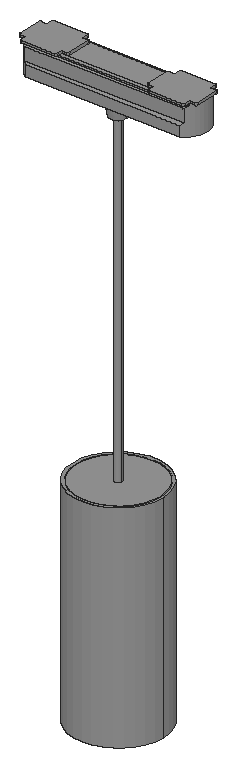
Revit family "Artemide_Vector_PendantMagnetic", category Lighting Fixtures, Revit 2018
Family settings
  Round Connector Dimension = Use Diameter
  Part Type = Normal
  Work Plane-Based = Yes
  Always vertical = Yes
  Cut with Voids When Loaded = No
  Light Source = No
  Shared = No
  Room Calculation Point = No
Parameters (values of type "Vector_PendantMagnetic_55_32°_4000K_DALI_BrushedCopper_AP35318")
  Voltage = "-"
  Radius_Lamp = 27.5 mm
  Product Range = "Vector"
  Max Height from ceiling = 2000 mm
  M_Track = Artemide_Aluminum_Black
  M_TopCap = Artemide_Aluminum_BrushedCopper
  M_Housing = Artemide_Aluminum_BrushedCopper
  M_Fixings = Artemide_Aluminum_Black
  M_Diffuser = Artemide_Glass_LightBulb
  IfcExportType = "NOT DEFINED"  # constant formula
  IfcExportAs = "IfcLightFixtureType"  # constant formula
  Weekly = "-"
  Wattage  = 26
  Warranty ID = "https://cloud.artemide.com/5-years-warranty"
  Upward Component  = 0
  Unified Glare Rating  = "-"
  Uniclass 2015 = "Pr_70_70_48"  # constant formula
  URL to O&M Manual = "-"
  URL to Energy Technology List = "-"
  Trim Material = "-"
  Trim Finish = "-"
  Trim Colour  = "-"
  Total Power = 0
  Total Light Output  = 0
  Testing method = "-"
  Supply Phase = 0
  Suitable for Photocell Control = "-"
  Suitable for Motion Detector Control = "N"
  Suitable for Dimming  = "Y"
  Suitable Dimmer Type = "DALI"
  Standards = "-"
  Shipping Weight = 0
  Service life  = "-"
  Secondary Rated Lamp Life = 0
  Secondary Lamp Voltage = 0
  Secondary Lamp International Type Code = "-"
  Secondary Lamp Initial Lumens  = 0
  Secondary Lamp Included = "-"
  Secondary Lamp Efficacy = 0
  Secondary Lamp Colour Temperature = 0
  Secondary Lamp Colour Rendering Index = 0
  Secondary Lamp Cap = "-"
  Secondary Lamp = "N"
  Responsible Sourcing of Materials = "-"
  Responsible Extraction of Materials = "-"
  Reflector Material = "-"
  Reflector Finish = "-"
  Rated Lamp Life = 50000
  Quarterly = "-"
  Product Model Number = "AP35318"
  Product Literature = "https://www.artemide.com/en/subfamily/4746345/vector-pendant-magnetic"
  Primary Lamp Type = "LED"
  Power Supply Kit = "-"
  Power Factor = 0
  Photocell = "-"
  Overall Width = 0
  Overall Light Output Ratio = 0
  Overall Length = 55
  Overall Height = 130
  Output Lumens Indirect light = 0
  Output Lumens Direct light = 1596
  Number of Secondary Lamps = 0
  Number of Primary Lamps = 1
  Number of Poles = 0
  Motion Sensor = "-"
  Motion Detector = "-"
  Monthly = "-"
  Minimum Operating Temperature = 0
  Maximum Operating Temperature = 0
  Material Ingredient Reporting = "-"
  Manufacturer Website = "https://www.artemide.com"
  Manufacturer = "Artemide"
  Maintenance Required: 8001-12000hrs  = "-"
  Maintenance Required: 601-1000hrs = "-"
  Maintenance Required: 4001-8000hrs  = "-"
  Maintenance Required: 301-600hrs  = "-"
  Maintenance Required: 2001-4000hrs  = "-"
  Maintenance Required: 1001-2000hrs  = "-"
  Maintenance Required: 0-300hrs  = "-"
  Luminance at 65deg Angle = 0
  Luminaire Type = "Floodlight"
  Luminaire Maintenance Factor = 0
  Luminaire Cleaning Interval  = "-"
  Louvre/Lens = "-"
  Location of Manufacturer = "-"
  Light Output Pattern = "-"
  Light Fixture Mounting Type = "Suspended"
  Life Cycle Analysis = "-"
  Lamp Survival Factor = "-"
  Lamp Replacement Interval = "-"
  Lamp Included = "Y"
  Lamp Holder Material = "-"
  Lamp Cap = "LED Integrated"
  LED lifetime = 0
  LED Maintained Colour Variation         = 0
  LED Initial Colour Variation                      = 0
  International Type Code = "-"
  Intended Market = "Unset"
  Integral Fuse or Circuit Protection  = "-"
  Integral Emergency Lighting Battery Type = "-"
  Input Lumens Indirect light = 0
  Input Lumens Direct light = 0
  Initial Lumens = 1596
  Infills = "-"
  IP Rating = "IP20"
  IK Rating = "-"
  IES Files  = "-"
  Housing Material = "Aluminum"
  Housing Finish  = "Painted"
  Housing Colour  = "Brushed Copper"
  Hazardous Area Protection Type = "-"
  Hazardous Area Category = "-"
  Gross Weight = 0
  Green Guide for Specification = "-"
  Gasket Material = "-"
  Frequency  = 0
  Fixings = "-"
  Fixing Material = "-"
  Fire Shroud = "-"
  Fire Rating Duration = 0
  Fire Rated Temperature = 0
  Fire Rated = "-"
  Features = "-"
  Face Width = 0
  Face Shape = "Cylindrical"
  Face Length = 0
  External Control Line Voltage = 0
  Expected Life = "-"
  Environmental Product Declaration = "-"
  End Caps/Transition Caps/Joints = "-"
  Emergency light output percentage = 0
  Emergency Lighting Battery = "-"
  Emergency Charging Power       = 0
  Emergency = "N"
  Embodied Carbon  = 0
  Efficiency = 0
  Earth Point  = "-"
  ENEC Certification of European conformity = "N"
  Duration of Integral Emergency Lighting  = 0
  Drive Current                                          = 0
  Downward Component = 0
  Distance_WidthTrack = 23.997 mm
  Distance_RightEnd Track = 54.201 mm
  Distance_LeftEndTrack = 54.211 mm
  Distance_LampFromCeilingMax [instance] = if(Distance_LampFromCeiling < Max Height from ceiling, Distance_LampFromCeiling, Max Height from ceiling)  # 200 mm
  Distance_LampFromCeiling [instance] = 200 mm
  Distance_HeightTrack = 19.239 mm
  Distance_HeightLamp = 131.5 mm
  Diffusing screen = "-"
  Diffuser Material  = "-"
  Diffuser Finish = "-"
  Designed by = "Carlotta de Bevilacqua"
  Default Elevation = 1219.2 mm
  Daylight Sensor = "-"
  Daily = "-"
  Cut Out Width = 0
  Cut Out Length = 0
  Current  = 0
  Control Gear Type = "-"
  Control Gear Standby Power  = 0
  Control Gear Required = "-"
  Control Gear Location = "-"
  Column = "-"
  Colour Temperature = 4000
  Colour Rendering Index = 90
  Cable Material = "-"
  CE Approval = "Y"
  Bespoke Timeframe = "-"
  Beam Angle Transverse Axis  = 0.00°
  Beam Angle Longditudinal Axis  = 0.00°
  Basis of lifetime luminaire failures        = 0
  Basis of lifetime lumen depreciation   = 0
  Application Environment = "Internal"
  Annually = "-"
  Ambient Temperature                             = 0
  Air Handling = "-"
  Access Clearance Top = 0
  Access Clearance Right = 0
  Access Clearance Rear = 0
  Access Clearance Left = 0
  Access Clearance Front = 0
  Access Clearance Bottom = 0
  6 Monthly = "-"
Reference planes
  plane 1 "Center (Front/Back)": y = 0
  plane 2: z = 0
  plane 3 "Center (Left/Right)": x = 0
  plane 4 "Left End Track": x = -54.211
  plane 5 "Right End Track": x = 54.201
  plane 6 "Center L/FF": x = -46.875
  plane 7 "Center L/GG": x = 46.901
  plane 8 "Top Magnetic Plates": z = 19.239
  plane 9 "Top Track": z = 17.84
  plane 10 "Center L/W": z = 16.107
  plane 11 "Center L/X": z = 7.594
  plane 12 "Left Width Magnetic Plates": y = 12.521
  plane 13 "Right Width Magnetic Plates": y = -12.521
  plane 14 "Left Width Track": y = 11.998
  plane 15 "Right Width Track": y = -11.998
  plane 16 "Left Width Middle Track": y = 10.701
  plane 17 "Right Width Middle Track": y = -10.701
  plane 18 "Left Width Under Plates": y = 9.488
  plane 19 "Right Width Under Plates": y = -9.488
  plane 20 "Center L/U": x = -24.07
  plane 21 "Center L/V": x = 24.07
  plane 22 "Top Cable": z = -9.75
  plane 23 "Top Lamp": z = -209.75
Forms (mm)
  Extrusion 1, solid, material "Artemide_Aluminum_Black" <- "M_Track"
    sketch origin (-199.4, 0, 0) x (0, 0, -1) y (0, -1, 0)
      loop
        arc (-17.84, -8.688) -> (-17.606, -9.254) -> (-17.04, -9.488) r 0.8
        line (-17.04, -9.488) -> (-16.107, -9.488)
        arc (-16.107, -9.488) -> (-15.917, -10.226) -> (-15.32, -10.701) r 1.2
        line (-15.32, -10.701) -> (-7.594, -10.701) -> (-6.296, -11.998) -> (0, -11.998) -> (0, 11.998) -> (-6.296, 11.998) -> (-7.594, 10.701) -> (-15.32, 10.701)
        arc (-15.32, 10.701) -> (-15.917, 10.226) -> (-16.107, 9.488) r 1.2
        line (-16.107, 9.488) -> (-17.04, 9.488)
        arc (-17.04, 9.488) -> (-17.606, 9.254) -> (-17.84, 8.688) r 0.8
        line (-17.84, 8.688) -> (-17.84, -8.688)
    from -145.189 to -253.601
  Extrusion 2, void
    sketch origin (-6.075, 0, 0) x (-1, 0, 0) y (0, -1, 0)
      loop
        line (40.8, -11.998) -> (40.8, -26.998) -> (60.8, -26.998) -> (60.8, 26.998) -> (40.8, 26.998) -> (40.8, 11.998)
        arc (40.8, 11.998) -> (48.1, 0) -> (40.8, -11.998) r 13.51
    from 0 to 17.84
  Extrusion 3, void
    sketch origin (6.075, 0, 0) x (1, 0, 0) y (0, 1, 0)
      loop
        arc (40.827, 11.984) -> (48.1, 0) -> (40.827, -11.984) r 13.51
        line (40.827, -11.984) -> (40.827, -26.998) -> (60.8, -26.998) -> (60.8, 26.998) -> (40.827, 26.998) -> (40.827, 11.984)
    from 0 to 17.84
  Extrusion 4, solid, material "Artemide_Aluminum_Black" <- "M_Track"
    sketch origin (0, 0, 17.84) x (0, 1, 0) y (-1, 0, 0)
      loop
        arc (7.971, 53.211) -> (7.678, 53.918) -> (6.971, 54.211) r 1
        line (6.971, 54.211) -> (-7.029, 54.211)
        arc (-7.029, 54.211) -> (-7.736, 53.918) -> (-8.029, 53.211) r 1
        line (-8.029, 53.211) -> (-8.029, 50.07) -> (-11.521, 50.07)
        arc (-11.521, 50.07) -> (-12.228, 49.777) -> (-12.521, 49.07) r 1
        line (-12.521, 49.07) -> (-12.521, 29.07)
        arc (-12.521, 29.07) -> (-12.228, 28.363) -> (-11.521, 28.07) r 1
        line (-11.521, 28.07) -> (-8.029, 28.07) -> (-8.029, 25.07)
        arc (-8.029, 25.07) -> (-7.736, 24.363) -> (-7.029, 24.07) r 1
        line (-7.029, 24.07) -> (6.971, 24.07)
        arc (6.971, 24.07) -> (7.678, 24.363) -> (7.971, 25.07) r 1
        line (7.971, 25.07) -> (7.971, 28.07) -> (11.521, 28.07)
        arc (11.521, 28.07) -> (12.228, 28.363) -> (12.521, 29.07) r 1
        line (12.521, 29.07) -> (12.521, 49.07)
        arc (12.521, 49.07) -> (12.228, 49.777) -> (11.521, 50.07) r 1
        line (11.521, 50.07) -> (7.971, 50.07) -> (7.971, 53.211)
    from 0 to 1.399
  Extrusion 5, solid, material "Artemide_Aluminum_Black" <- "M_Track"
    sketch origin (0, 0, 17.84) x (0, 1, 0) y (-1, 0, 0)
      loop
        line (7.971, -53.201) -> (7.971, -50.07) -> (11.521, -50.07)
        arc (11.521, -50.07) -> (12.228, -49.777) -> (12.521, -49.07) r 1
        line (12.521, -49.07) -> (12.521, -29.07)
        arc (12.521, -29.07) -> (12.228, -28.363) -> (11.521, -28.07) r 1
        line (11.521, -28.07) -> (7.971, -28.07) -> (7.971, -25.07)
        arc (7.971, -25.07) -> (7.678, -24.363) -> (6.971, -24.07) r 1
        line (6.971, -24.07) -> (-7.029, -24.07)
        arc (-7.029, -24.07) -> (-7.736, -24.363) -> (-8.029, -25.07) r 1
        line (-8.029, -25.07) -> (-8.029, -28.07) -> (-11.521, -28.07)
        arc (-11.521, -28.07) -> (-12.228, -28.363) -> (-12.521, -29.07) r 1
        line (-12.521, -29.07) -> (-12.521, -49.07)
        arc (-12.521, -49.07) -> (-12.228, -49.777) -> (-11.521, -50.07) r 1
        line (-11.521, -50.07) -> (-8.029, -50.07) -> (-8.029, -53.201)
        arc (-8.029, -53.201) -> (-7.736, -53.908) -> (-7.029, -54.201) r 1
        line (-7.029, -54.201) -> (6.971, -54.201)
        arc (6.971, -54.201) -> (7.678, -53.908) -> (7.971, -53.201) r 1
    from 0 to 1.399
  Revolve 6, solid, material "Artemide_Aluminum_Black" <- "M_Fixings"
    sketch origin (0, 0, 0) x (1, 0, 0) y (0, 0, 1)
      loop
        line (6.95, 0) -> (0, 0) -> (0, -9.75) -> (5.231, -9.75) -> (6.95, 0)
      axis (0, 0) -> (0, -9.75)
    angle from 0 to 360
  Extrusion 7, solid, material "Artemide_Aluminum_Black" <- "M_Fixings"
    sketch origin (0, 0, -9.75) x (-1, 0, 0) y (0, -1, 0)
      loop
        circle (0, 0) r 2.1
    from -200 to 0
Cuts and joins
  Extrusion 2, Extrusion 3 cuts Extrusion 1
Dimensions and locks
  locked: plane 4 "Left End Track" to plane 6 "Center L/FF" at 7.336
  locked: plane 7 "Center L/GG" to plane 5 "Right End Track" at 7.3
  "Distance_RightEnd Track": plane 5 "Right End Track" to plane 3 "Center (Left/Right)"
  "Distance_LeftEndTrack": plane 3 "Center (Left/Right)" to plane 4 "Left End Track"
  locked: plane 11 "Center L/X" to plane 2 at 7.594
  locked: plane 10 "Center L/W" to plane 2 at 16.107
  locked: plane 9 "Top Track" to plane 2 at 17.84
  plane 8 "Top Magnetic Plates" to plane 9 "Top Track" = 1.399 mm
  "Distance_HeightTrack": plane 8 "Top Magnetic Plates" to plane 2
  equal spacing: plane 18 "Left Width Under Plates", plane 1 "Center (Front/Back)", plane 19 "Right Width Under Plates"
  locked: plane 18 "Left Width Under Plates" to plane 19 "Right Width Under Plates" at 18.976
  plane 12 "Left Width Magnetic Plates" to plane 13 "Right Width Magnetic Plates" = 25.041 mm
  equal spacing: plane 12 "Left Width Magnetic Plates", plane 1 "Center (Front/Back)", plane 13 "Right Width Magnetic Plates"
  equal spacing: plane 14 "Left Width Track", plane 1 "Center (Front/Back)", plane 15 "Right Width Track"
  "Distance_WidthTrack": plane 14 "Left Width Track" to plane 15 "Right Width Track"
  equal spacing: plane 16 "Left Width Middle Track", plane 1 "Center (Front/Back)", plane 17 "Right Width Middle Track"
  locked: plane 16 "Left Width Middle Track" to plane 17 "Right Width Middle Track" at 21.401
  locked: plane 4 "Left End Track" to plane 20 "Center L/U" at 30.141
  locked: plane 21 "Center L/V" to plane 5 "Right End Track" at 30.131
  locked: plane 2 to plane 22 "Top Cable" at 9.75
  "Distance_LampFromCeiling": plane 22 "Top Cable" to plane 23 "Top Lamp"
  aligned and locked: level to plane 2
  aligned and locked: Extrusion 1 sketch curve to plane 9 "Top Track"
  aligned and locked: Extrusion 1 sketch curve to plane 18 "Left Width Under Plates"
  aligned and locked: Extrusion 1 sketch curve to plane 16 "Left Width Middle Track"
  aligned and locked: plane 10 "Center L/W" to Extrusion 1 sketch curve  (x2)
  aligned and locked: plane 11 "Center L/X" to Extrusion 1 sketch curve  (x2)
  aligned and locked: Extrusion 1 sketch curve to plane 14 "Left Width Track"
  aligned and locked: Extrusion 1 sketch curve to plane 2
  aligned and locked: plane 15 "Right Width Track" to Extrusion 1 sketch curve
  aligned and locked: plane 17 "Right Width Middle Track" to Extrusion 1 sketch curve
  aligned and locked: plane 19 "Right Width Under Plates" to Extrusion 1 sketch curve
  aligned and locked: plane 9 "Top Track" to Extrusion 1 sketch curve
  aligned and locked: plane 4 "Left End Track" to Extrusion 1
  aligned and locked: plane 5 "Right End Track" to Extrusion 1
  aligned and locked: Extrusion 2 sketch curve to plane 6 "Center L/FF"
  aligned and locked: plane 6 "Center L/FF" to Extrusion 2 sketch curve
  aligned and locked: plane 7 "Center L/GG" to Extrusion 3 sketch curve
  aligned and locked: Extrusion 3 sketch curve to plane 7 "Center L/GG"
  aligned and locked: plane 4 "Left End Track" to Extrusion 4 sketch curve
  aligned and locked: Extrusion 4 sketch curve to plane 12 "Left Width Magnetic Plates"
  aligned and locked: Extrusion 4 sketch curve to plane 13 "Right Width Magnetic Plates"
  aligned and locked: Extrusion 4 sketch curve to plane 20 "Center L/U"
  aligned and locked: Extrusion 4 to plane 9 "Top Track"
  aligned and locked: plane 8 "Top Magnetic Plates" to Extrusion 4
  aligned and locked: plane 21 "Center L/V" to Extrusion 5 sketch curve
  aligned and locked: plane 12 "Left Width Magnetic Plates" to Extrusion 5 sketch curve
  aligned and locked: Extrusion 5 sketch curve to plane 5 "Right End Track"
  aligned and locked: plane 13 "Right Width Magnetic Plates" to Extrusion 5 sketch curve
  aligned and locked: Extrusion 5 to plane 9 "Top Track"
  aligned and locked: plane 8 "Top Magnetic Plates" to Extrusion 5
  aligned and locked: Revolve 6 sketch curve to plane 2
  aligned and locked: plane 22 "Top Cable" to Revolve 6 sketch curve
  aligned and locked: Revolve 6 sketch curve to plane 3 "Center (Left/Right)"
  aligned and locked: plane 3 "Center (Left/Right)" to Extrusion 7 sketch curve
  aligned and locked: plane 1 "Center (Front/Back)" to Extrusion 7 sketch curve
  aligned and locked: Extrusion 7 to plane 23 "Top Lamp"
  aligned and locked: plane 22 "Top Cable" to Extrusion 7
  aligned and locked: plane 3 "Center (Left/Right)" to nested 1
  aligned and locked: plane 1 "Center (Front/Back)" to nested 1
  aligned and locked: plane 23 "Top Lamp" to nested 1
Automatic sketch dimensions
  Extrusion 1 sketch curve to plane 9 "Top Track" = 0.8 mm
  Extrusion 1 sketch curve to Extrusion 1 sketch curve = 0.8 mm
  Extrusion 1 sketch curve to plane 10 "Center L/W" = 0.787 mm  (x2)
  Extrusion 1 sketch curve to plane 19 "Right Width Under Plates" = 0.085 mm
  Extrusion 1 sketch curve to plane 18 "Left Width Under Plates" = 0.085 mm
  Extrusion 1 sketch curve to plane 11 "Center L/X" = 1.298 mm  (x2)
  plane 1 "Center (Front/Back)" to Extrusion 2 sketch curve = 0 mm
  Extrusion 2 sketch curve to plane 15 "Right Width Track" = 0 mm
  plane 6 "Center L/FF" to Extrusion 2 sketch curve = 6.21 mm
  Extrusion 2 sketch curve to plane 4 "Left End Track" = 12.664 mm
  plane 13 "Right Width Magnetic Plates" to Extrusion 2 sketch curve = 14.478 mm
  plane 12 "Left Width Magnetic Plates" to Extrusion 2 sketch curve = 14.478 mm
  plane 1 "Center (Front/Back)" to Extrusion 3 sketch curve = 0 mm
  Extrusion 3 sketch curve to plane 7 "Center L/GG" = 6.237 mm
  plane 5 "Right End Track" to Extrusion 3 sketch curve = 12.673 mm
  plane 15 "Right Width Track" to Extrusion 3 sketch curve = 0.014 mm
  Extrusion 3 sketch curve to plane 13 "Right Width Magnetic Plates" = 14.478 mm
  Extrusion 3 sketch curve to plane 12 "Left Width Magnetic Plates" = 14.478 mm
  plane 15 "Right Width Track" to Extrusion 4 sketch curve = 0.478 mm  (x2)
  plane 19 "Right Width Under Plates" to Extrusion 4 sketch curve = 1.459 mm  (x2)
  Extrusion 4 sketch curve to Extrusion 4 sketch curve = 1 mm  (x2)
  plane 18 "Left Width Under Plates" to Extrusion 4 sketch curve = 2.517 mm  (x2)
  Extrusion 4 sketch curve to plane 4 "Left End Track" = 1 mm
  plane 18 "Left Width Under Plates" to Extrusion 4 sketch curve = 1.517 mm
  plane 14 "Left Width Track" to Extrusion 4 sketch curve = 0.478 mm  (x2)
  Extrusion 4 sketch curve to Extrusion 4 sketch curve = 3 mm  (x2)
  plane 6 "Center L/FF" to Extrusion 4 sketch curve = 2.196 mm  (x2)
  Extrusion 5 sketch curve to plane 15 "Right Width Track" = 0.478 mm  (x2)
  Extrusion 5 sketch curve to plane 19 "Right Width Under Plates" = 1.459 mm  (x2)
  Extrusion 5 sketch curve to Extrusion 5 sketch curve = 1 mm  (x2)
  Extrusion 5 sketch curve to plane 18 "Left Width Under Plates" = 2.517 mm  (x2)
  plane 5 "Right End Track" to Extrusion 5 sketch curve = 1 mm
  Extrusion 5 sketch curve to plane 18 "Left Width Under Plates" = 1.517 mm
  Extrusion 5 sketch curve to plane 14 "Left Width Track" = 0.478 mm  (x2)
  Extrusion 5 sketch curve to Extrusion 5 sketch curve = 3 mm  (x2)
  Extrusion 5 sketch curve to plane 7 "Center L/GG" = 2.169 mm  (x2)
  plane 3 "Center (Left/Right)" to Revolve 6 sketch curve = 5.231 mm
  plane 3 "Center (Left/Right)" to Revolve 6 sketch curve = 6.95 mm
  plane 8 "Top Magnetic Plates" to Revolve 6 sketch curve = 2195.076 mm
  Revolve 6 sketch curve to plane 3 "Center (Left/Right)" = 0 mm
  Revolve 6 sketch curve to Revolve 6 sketch curve = 356.295 mm
  radius of Extrusion 7 sketch curve = 2.1 mm
Nested families
  nested 1: "Artemide_VectorPendantMagnetic_CylinderGeometry" at (0, 0, -238.219), M_Diffuser <- "M_Diffuser", M_Housing <- "M_Housing", M_TopCap <- "M_TopCap", Distance_HeightLamp <- "Distance_HeightLamp", Radius_Lamp <- "Radius_Lamp", type "Artemide_VectorPendantMagnetic_CylinderGeometry"
    with Radius_TopCap 25.7 mm, Radius_Lamp 27.5 mm, Radius_InternalLamp 25.7 mm, Radius_Diffuser 25.7 mm, M_TopCap Artemide_Aluminum_BrushedCopper, M_Housing Artemide_Aluminum_BrushedCopper, M_Diffuser Artemide_Glass_LightBulb, Distance_HeightLamp 131.5 mm, Diameter_Lamp 55 mm
Definition of nested family "Artemide_VectorPendantMagnetic_CylinderGeometry"
  Parameters (values of type "Artemide_VectorPendantMagnetic_CylinderGeometry")
    Radius_TopCap [instance] = Radius_InternalLamp  # 18.2 mm
    Radius_Lamp [instance] = 20 mm
    Radius_InternalLamp [instance] = Radius_Lamp - 1.8 mm  # 18.2 mm
    Radius_Diffuser [instance] = Radius_InternalLamp  # 18.2 mm
    M_TopCap [instance] = none
    M_Housing [instance] = none
    M_Diffuser [instance] = none
    Distance_HeightLamp [instance] = 103.031 mm
    Diameter_Lamp [instance] = Radius_Lamp * 2  # 40 mm
    Default Elevation = 1219.2 mm
  Reference planes
    plane 1 "Center (Front/Back)": y = 0
    plane 2 "Center Cylinder Rotation": z = -52.656
    plane 3 "Center (Left/Right)": x = 0
    plane 4 "Bottom Lamp": z = -103.031
    plane 5 "Top Lamp": z = 0
    plane 6 "Bottom Diffuser": z = -93.031
    plane 7 "Top Diffuser": z = -90.031
    plane 8 "Bottom End Cap": z = -2
    plane 9 "End Void": y = -50
    plane 10 "Start Void": y = -6
    plane 11 "Center L/Y": y = -20
    plane 12 "Center L/Z": y = 20
  Forms (mm)
    Extrusion 1, solid, material <- "M_Housing"
      sketch origin (0, 0, -103.031) x (-1, 0, 0) y (0, -1, 0)
        loop
          circle (0, 0) r 20
        loop
          circle (0, 0) r 18.2
      from 0 to 103.031
    Extrusion 2, solid, material <- "M_Diffuser"
      sketch origin (0, 0, -93.031) x (-1, 0, 0) y (0, -1, 0)
        loop
          circle (0, 0) r 18.2
      from 0 to 3
    Extrusion 3, solid, material <- "M_TopCap"
      sketch origin (0, 0, -2) x (-1, 0, 0) y (0, -1, 0)
        loop
          circle (0, 0) r 18.2
      from 0 to 2
  Dimensions and locks
    locked: plane 6 "Bottom Diffuser" to plane 4 "Bottom Lamp" at 10
    locked: plane 7 "Top Diffuser" to plane 6 "Bottom Diffuser" at 3
    "Distance_HeightLamp": plane 5 "Top Lamp" to plane 4 "Bottom Lamp"
    locked: plane 5 "Top Lamp" to plane 8 "Bottom End Cap" at 2
    locked: plane 9 "End Void" to plane 1 "Center (Front/Back)" at 50
    equal spacing: plane 12 "Center L/Z", plane 1 "Center (Front/Back)", plane 11 "Center L/Y"
    "Diameter_Lamp": plane 12 "Center L/Z" to plane 11 "Center L/Y"
    locked: plane 10 "Start Void" to plane 11 "Center L/Y" at 14
    "Radius_Lamp": radius of Extrusion 1 sketch curve
    "Radius_InternalLamp": radius of Extrusion 1 sketch curve
    "Radius_Diffuser": radius of Extrusion 2 sketch curve
    "Radius_TopCap": radius of Extrusion 3 sketch curve
    aligned and locked: plane 3 "Center (Left/Right)" to Extrusion 1 sketch curve  (x2)
    aligned and locked: plane 1 "Center (Front/Back)" to Extrusion 1 sketch curve  (x2)
    aligned and locked: plane 5 "Top Lamp" to Extrusion 1
    aligned and locked: Extrusion 1 to plane 4 "Bottom Lamp"
    aligned and locked: plane 3 "Center (Left/Right)" to Extrusion 2 sketch curve
    aligned and locked: plane 1 "Center (Front/Back)" to Extrusion 2 sketch curve
    aligned and locked: Extrusion 2 to plane 6 "Bottom Diffuser"
    aligned and locked: plane 7 "Top Diffuser" to Extrusion 2
    aligned and locked: plane 3 "Center (Left/Right)" to Extrusion 3 sketch curve
    aligned and locked: plane 1 "Center (Front/Back)" to Extrusion 3 sketch curve
    aligned and locked: Extrusion 3 to plane 8 "Bottom End Cap"
    aligned and locked: plane 5 "Top Lamp" to Extrusion 3
Types (135, lengths in mm): name | Radius_Lamp | M_Track | M_TopCap | M_Housing | M_Fixings | Wattage  | Rated Lamp Life | Product Model Number | Overall Length | Overall Height | Output Lumens Direct light | Initial Lumens | Housing Colour  | Distance_HeightLamp | Colour Temperature
  Vector_PendantMagnetic_30_16°_2700K_DALI_BrushedSilver_BN31115 | 15 | Artemide_Aluminum_Black | Artemide_Aluminum_BrushedSilver | Artemide_Aluminum_BrushedSilver | Artemide_Aluminum_Black | 6 | 60500 | "BN31115" | 30 | 78 | 422 | 422 | "Brushed Silver" | 78.5 | 2700
  Vector_PendantMagnetic_40_13°_2700K_DALI_BrushedSilver_AP21115 | 20 | Artemide_Aluminum_Black | Artemide_Aluminum_BrushedSilver | Artemide_Aluminum_BrushedSilver | Artemide_Aluminum_Black | 10 | 60500 | "AP21115" | 40 | 104 | 540 | 540 | "Brushed Silver" | 104.5 | 2700
  Vector_PendantMagnetic_55_16°_2700K_DALI_BrushedSilver_AP31115 | 27.5 | Artemide_Aluminum_Black | Artemide_Aluminum_BrushedSilver | Artemide_Aluminum_BrushedSilver | Artemide_Aluminum_Black | 26 | 50000 | "AP31115" | 55 | 130 | 1492 | 1492 | "Brushed Silver" | 131.5 | 2700
  Vector_PendantMagnetic_30_16°_3000K_DALI_BrushedSilver_BN30115 | 15 | Artemide_Aluminum_Black | Artemide_Aluminum_BrushedSilver | Artemide_Aluminum_BrushedSilver | Artemide_Aluminum_Black | 6 | 60500 | "BN30115" | 30 | 78 | 422 | 422 | "Brushed Silver" | 78.5 | 3000
  Vector_PendantMagnetic_30_16°_4000K_DALI_BrushedSilver_BN35115 | 15 | Artemide_Aluminum_Black | Artemide_Aluminum_BrushedSilver | Artemide_Aluminum_BrushedSilver | Artemide_Aluminum_Black | 6 | 60500 | "BN35115" | 30 | 78 | 422 | 422 | "Brushed Silver" | 78.5 | 4000
  Vector_PendantMagnetic_30_20°_2700K_DALI_BrushedSilver_BN31215 | 15 | Artemide_Aluminum_Black | Artemide_Aluminum_BrushedSilver | Artemide_Aluminum_BrushedSilver | Artemide_Aluminum_Black | 6 | 60500 | "BN31215" | 30 | 78 | 404 | 404 | "Brushed Silver" | 78.5 | 2700
  Vector_PendantMagnetic_30_20°_3000K_DALI_BrushedSilver_BN30215 | 15 | Artemide_Aluminum_Black | Artemide_Aluminum_BrushedSilver | Artemide_Aluminum_BrushedSilver | Artemide_Aluminum_Black | 6 | 60500 | "BN30215" | 30 | 78 | 404 | 404 | "Brushed Silver" | 78.5 | 3000
  Vector_PendantMagnetic_30_20°_4000K_DALI_BrushedSilver_BN35215 | 15 | Artemide_Aluminum_Black | Artemide_Aluminum_BrushedSilver | Artemide_Aluminum_BrushedSilver | Artemide_Aluminum_Black | 6 | 60500 | "BN35215" | 30 | 78 | 404 | 404 | "Brushed Silver" | 78.5 | 4000
  Vector_PendantMagnetic_30_28°_2700K_DALI_BrushedSilver_BN31315 | 15 | Artemide_Aluminum_Black | Artemide_Aluminum_BrushedSilver | Artemide_Aluminum_BrushedSilver | Artemide_Aluminum_Black | 6 | 60500 | "BN31315" | 30 | 78 | 373 | 373 | "Brushed Silver" | 78.5 | 2700
  Vector_PendantMagnetic_30_28°_3000K_DALI_BrushedSilver_BN30315 | 15 | Artemide_Aluminum_Black | Artemide_Aluminum_BrushedSilver | Artemide_Aluminum_BrushedSilver | Artemide_Aluminum_Black | 6 | 60500 | "BN30315" | 30 | 78 | 373 | 373 | "Brushed Silver" | 78.5 | 3000
  Vector_PendantMagnetic_30_28°_4000K_DALI_BrushedSilver_BN35315 | 15 | Artemide_Aluminum_Black | Artemide_Aluminum_BrushedSilver | Artemide_Aluminum_BrushedSilver | Artemide_Aluminum_Black | 6 | 60500 | "BN35315" | 30 | 78 | 373 | 373 | "Brushed Silver" | 78.5 | 4000
  Vector_PendantMagnetic_30_16°_2700K_DALI_White_BN31101 | 15 | Artemide_Aluminum_White | Artemide_Aluminum_White | Artemide_Aluminum_White | Artemide_Aluminum_White | 6 | 60500 | "BN31101" | 30 | 78 | 422 | 422 | "White" | 78.5 | 2700
  Vector_PendantMagnetic_30_16°_3000K_DALI_White_BN30101 | 15 | Artemide_Aluminum_White | Artemide_Aluminum_White | Artemide_Aluminum_White | Artemide_Aluminum_White | 6 | 60500 | "BN30101" | 30 | 78 | 422 | 422 | "White" | 78.5 | 3000
  Vector_PendantMagnetic_30_16°_4000K_DALI_White_BN35101 | 15 | Artemide_Aluminum_White | Artemide_Aluminum_White | Artemide_Aluminum_White | Artemide_Aluminum_White | 6 | 60500 | "BN35101" | 30 | 78 | 422 | 422 | "White" | 78.5 | 4000
  Vector_PendantMagnetic_30_20°_2700K_DALI_White_BN31201 | 15 | Artemide_Aluminum_White | Artemide_Aluminum_White | Artemide_Aluminum_White | Artemide_Aluminum_White | 6 | 60500 | "BN31201" | 30 | 78 | 404 | 404 | "White" | 78.5 | 2700
  Vector_PendantMagnetic_30_20°_3000K_DALI_White_BN30201 | 15 | Artemide_Aluminum_White | Artemide_Aluminum_White | Artemide_Aluminum_White | Artemide_Aluminum_White | 6 | 60500 | "BN30201" | 30 | 78 | 404 | 404 | "White" | 78.5 | 3000
  Vector_PendantMagnetic_30_20°_4000K_DALI_White_BN35201 | 15 | Artemide_Aluminum_White | Artemide_Aluminum_White | Artemide_Aluminum_White | Artemide_Aluminum_White | 6 | 60500 | "BN35201" | 30 | 78 | 404 | 404 | "White" | 78.5 | 4000
  Vector_PendantMagnetic_30_28°_2700K_DALI_White_BN31301 | 15 | Artemide_Aluminum_White | Artemide_Aluminum_White | Artemide_Aluminum_White | Artemide_Aluminum_White | 6 | 60500 | "BN31301" | 30 | 78 | 373 | 373 | "White" | 78.5 | 2700
  Vector_PendantMagnetic_30_28°_3000K_DALI_White_BN30301 | 15 | Artemide_Aluminum_White | Artemide_Aluminum_White | Artemide_Aluminum_White | Artemide_Aluminum_White | 6 | 60500 | "BN30301" | 30 | 78 | 373 | 373 | "White" | 78.5 | 3000
  Vector_PendantMagnetic_30_28°_4000K_DALI_White_BN35301 | 15 | Artemide_Aluminum_White | Artemide_Aluminum_White | Artemide_Aluminum_White | Artemide_Aluminum_White | 6 | 60500 | "BN35301" | 30 | 78 | 373 | 373 | "White" | 78.5 | 4000
  Vector_PendantMagnetic_30_16°_2700K_DALI_BrushedBronze_BN31120 | 15 | Artemide_Aluminum_Black | Artemide_Aluminum_BrushedBronze | Artemide_Aluminum_BrushedBronze | Artemide_Aluminum_Black | 6 | 60500 | "BN31120" | 30 | 78 | 422 | 422 | "Brushed Bronze" | 78.5 | 2700
  Vector_PendantMagnetic_30_16°_3000K_DALI_BrushedBronze_BN30120 | 15 | Artemide_Aluminum_Black | Artemide_Aluminum_BrushedBronze | Artemide_Aluminum_BrushedBronze | Artemide_Aluminum_Black | 6 | 60500 | "BN30120" | 30 | 78 | 422 | 422 | "Brushed Bronze" | 78.5 | 3000
  Vector_PendantMagnetic_30_16°_4000K_DALI_BrushedBronze_BN35120 | 15 | Artemide_Aluminum_Black | Artemide_Aluminum_BrushedBronze | Artemide_Aluminum_BrushedBronze | Artemide_Aluminum_Black | 6 | 60500 | "BN35120" | 30 | 78 | 422 | 422 | "Brushed Bronze" | 78.5 | 4000
  Vector_PendantMagnetic_30_20°_2700K_DALI_BrushedBronze_BN31220 | 15 | Artemide_Aluminum_Black | Artemide_Aluminum_BrushedBronze | Artemide_Aluminum_BrushedBronze | Artemide_Aluminum_Black | 6 | 60500 | "BN31220" | 30 | 78 | 404 | 404 | "Brushed Bronze" | 78.5 | 2700
  Vector_PendantMagnetic_30_20°_3000K_DALI_BrushedBronze_BN30220 | 15 | Artemide_Aluminum_Black | Artemide_Aluminum_BrushedBronze | Artemide_Aluminum_BrushedBronze | Artemide_Aluminum_Black | 6 | 60500 | "BN30220" | 30 | 78 | 404 | 404 | "Brushed Bronze" | 78.5 | 3000
  Vector_PendantMagnetic_30_20°_4000K_DALI_BrushedBronze_BN35220 | 15 | Artemide_Aluminum_Black | Artemide_Aluminum_BrushedBronze | Artemide_Aluminum_BrushedBronze | Artemide_Aluminum_Black | 6 | 60500 | "BN35220" | 30 | 78 | 404 | 404 | "Brushed Bronze" | 78.5 | 4000
  Vector_PendantMagnetic_30_28°_2700K_DALI_BrushedBronze_BN31320 | 15 | Artemide_Aluminum_Black | Artemide_Aluminum_BrushedBronze | Artemide_Aluminum_BrushedBronze | Artemide_Aluminum_Black | 6 | 60500 | "BN31320" | 30 | 78 | 373 | 373 | "Brushed Bronze" | 78.5 | 2700
  Vector_PendantMagnetic_30_28°_3000K_DALI_BrushedBronze_BN30320 | 15 | Artemide_Aluminum_Black | Artemide_Aluminum_BrushedBronze | Artemide_Aluminum_BrushedBronze | Artemide_Aluminum_Black | 6 | 60500 | "BN30320" | 30 | 78 | 373 | 373 | "Brushed Bronze" | 78.5 | 3000
  Vector_PendantMagnetic_30_28°_4000K_DALI_BrushedBronze_BN35320 | 15 | Artemide_Aluminum_Black | Artemide_Aluminum_BrushedBronze | Artemide_Aluminum_BrushedBronze | Artemide_Aluminum_Black | 6 | 60500 | "BN35320" | 30 | 78 | 373 | 373 | "Brushed Bronze" | 78.5 | 4000
  Vector_PendantMagnetic_30_16°_2700K_DALI_Black_BN31104 | 15 | Artemide_Aluminum_Black | Artemide_Aluminum_Black | Artemide_Aluminum_Black | Artemide_Aluminum_Black | 6 | 60500 | "BN31104" | 30 | 78 | 422 | 422 | "Black" | 78.5 | 2700
  Vector_PendantMagnetic_30_16°_3000K_DALI_Black_BN30104 | 15 | Artemide_Aluminum_Black | Artemide_Aluminum_Black | Artemide_Aluminum_Black | Artemide_Aluminum_Black | 6 | 60500 | "BN30104" | 30 | 78 | 422 | 422 | "Black" | 78.5 | 3000
  Vector_PendantMagnetic_30_16°_4000K_DALI_Black_BN35104 | 15 | Artemide_Aluminum_Black | Artemide_Aluminum_Black | Artemide_Aluminum_Black | Artemide_Aluminum_Black | 6 | 60500 | "BN35104" | 30 | 78 | 422 | 422 | "Black" | 78.5 | 4000
  Vector_PendantMagnetic_30_20°_2700K_DALI_Black_BN31204 | 15 | Artemide_Aluminum_Black | Artemide_Aluminum_Black | Artemide_Aluminum_Black | Artemide_Aluminum_Black | 6 | 60500 | "BN31204" | 30 | 78 | 404 | 404 | "Black" | 78.5 | 2700
  Vector_PendantMagnetic_30_20°_3000K_DALI_Black_BN30204 | 15 | Artemide_Aluminum_Black | Artemide_Aluminum_Black | Artemide_Aluminum_Black | Artemide_Aluminum_Black | 6 | 60500 | "BN30204" | 30 | 78 | 404 | 404 | "Black" | 78.5 | 3000
  Vector_PendantMagnetic_30_20°_4000K_DALI_Black_BN35204 | 15 | Artemide_Aluminum_Black | Artemide_Aluminum_Black | Artemide_Aluminum_Black | Artemide_Aluminum_Black | 6 | 60500 | "BN35204" | 30 | 78 | 404 | 404 | "Black" | 78.5 | 4000
  Vector_PendantMagnetic_30_28°_2700K_DALI_Black_BN31304 | 15 | Artemide_Aluminum_Black | Artemide_Aluminum_Black | Artemide_Aluminum_Black | Artemide_Aluminum_Black | 6 | 60500 | "BN31304" | 30 | 78 | 373 | 373 | "Black" | 78.5 | 2700
  Vector_PendantMagnetic_30_28°_3000K_DALI_Black_BN30304 | 15 | Artemide_Aluminum_Black | Artemide_Aluminum_Black | Artemide_Aluminum_Black | Artemide_Aluminum_Black | 6 | 60500 | "BN30304" | 30 | 78 | 373 | 373 | "Black" | 78.5 | 3000
  Vector_PendantMagnetic_30_28°_4000K_DALI_Black_BN35304 | 15 | Artemide_Aluminum_Black | Artemide_Aluminum_Black | Artemide_Aluminum_Black | Artemide_Aluminum_Black | 6 | 60500 | "BN35304" | 30 | 78 | 373 | 373 | "Black" | 78.5 | 4000
  Vector_PendantMagnetic_30_16°_2700K_DALI_BrushedCopper_BN31118 | 15 | Artemide_Aluminum_Black | Artemide_Aluminum_BrushedCopper | Artemide_Aluminum_BrushedCopper | Artemide_Aluminum_Black | 6 | 60500 | "BN31118" | 30 | 78 | 422 | 422 | "Brushed Copper" | 78.5 | 2700
  Vector_PendantMagnetic_30_16°_3000K_DALI_BrushedCopper_BN30118 | 15 | Artemide_Aluminum_Black | Artemide_Aluminum_BrushedCopper | Artemide_Aluminum_BrushedCopper | Artemide_Aluminum_Black | 6 | 60500 | "BN30118" | 30 | 78 | 422 | 422 | "Brushed Copper" | 78.5 | 3000
  Vector_PendantMagnetic_30_16°_4000K_DALI_BrushedCopper_BN35118 | 15 | Artemide_Aluminum_Black | Artemide_Aluminum_BrushedCopper | Artemide_Aluminum_BrushedCopper | Artemide_Aluminum_Black | 6 | 60500 | "BN35118" | 30 | 78 | 422 | 422 | "Brushed Copper" | 78.5 | 4000
  Vector_PendantMagnetic_30_20°_2700K_DALI_BrushedCopper_BN31218 | 15 | Artemide_Aluminum_Black | Artemide_Aluminum_BrushedCopper | Artemide_Aluminum_BrushedCopper | Artemide_Aluminum_Black | 6 | 60500 | "BN31218" | 30 | 78 | 404 | 404 | "Brushed Copper" | 78.5 | 2700
  Vector_PendantMagnetic_30_20°_3000K_DALI_BrushedCopper_BN30218 | 15 | Artemide_Aluminum_Black | Artemide_Aluminum_BrushedCopper | Artemide_Aluminum_BrushedCopper | Artemide_Aluminum_Black | 6 | 60500 | "BN30218" | 30 | 78 | 404 | 404 | "Brushed Copper" | 78.5 | 3000
  Vector_PendantMagnetic_30_20°_4000K_DALI_BrushedCopper_BN35218 | 15 | Artemide_Aluminum_Black | Artemide_Aluminum_BrushedCopper | Artemide_Aluminum_BrushedCopper | Artemide_Aluminum_Black | 6 | 60500 | "BN35218" | 30 | 78 | 404 | 404 | "Brushed Copper" | 78.5 | 4000
  Vector_PendantMagnetic_30_28°_2700K_DALI_BrushedCopper_BN31318 | 15 | Artemide_Aluminum_Black | Artemide_Aluminum_BrushedCopper | Artemide_Aluminum_BrushedCopper | Artemide_Aluminum_Black | 6 | 60500 | "BN31318" | 30 | 78 | 373 | 373 | "Brushed Copper" | 78.5 | 2700
  Vector_PendantMagnetic_30_28°_3000K_DALI_BrushedCopper_BN30318 | 15 | Artemide_Aluminum_Black | Artemide_Aluminum_BrushedCopper | Artemide_Aluminum_BrushedCopper | Artemide_Aluminum_Black | 6 | 60500 | "BN30318" | 30 | 78 | 373 | 373 | "Brushed Copper" | 78.5 | 3000
  Vector_PendantMagnetic_30_28°_4000K_DALI_BrushedCopper_BN35318 | 15 | Artemide_Aluminum_Black | Artemide_Aluminum_BrushedCopper | Artemide_Aluminum_BrushedCopper | Artemide_Aluminum_Black | 6 | 60500 | "BN35318" | 30 | 78 | 373 | 373 | "Brushed Copper" | 78.5 | 4000
  Vector_PendantMagnetic_40_13°_3000K_DALI_BrushedSilver_AP20115 | 20 | Artemide_Aluminum_Black | Artemide_Aluminum_BrushedSilver | Artemide_Aluminum_BrushedSilver | Artemide_Aluminum_Black | 10 | 60500 | "AP20115" | 40 | 104 | 540 | 540 | "Brushed Silver" | 104.5 | 3000
  Vector_PendantMagnetic_40_13°_4000K_DALI_BrushedSilver_AP25115 | 20 | Artemide_Aluminum_Black | Artemide_Aluminum_BrushedSilver | Artemide_Aluminum_BrushedSilver | Artemide_Aluminum_Black | 10 | 60500 | "AP25115" | 40 | 104 | 540 | 540 | "Brushed Silver" | 104.5 | 4000
  Vector_PendantMagnetic_40_20°_2700K_DALI_BrushedSilver_AP21215 | 20 | Artemide_Aluminum_Black | Artemide_Aluminum_BrushedSilver | Artemide_Aluminum_BrushedSilver | Artemide_Aluminum_Black | 10 | 60500 | "AP21215" | 40 | 104 | 584 | 584 | "Brushed Silver" | 104.5 | 2700
  Vector_PendantMagnetic_40_20°_3000K_DALI_BrushedSilver_AP20215 | 20 | Artemide_Aluminum_Black | Artemide_Aluminum_BrushedSilver | Artemide_Aluminum_BrushedSilver | Artemide_Aluminum_Black | 10 | 60500 | "AP20215" | 40 | 104 | 584 | 584 | "Brushed Silver" | 104.5 | 3000
  Vector_PendantMagnetic_40_20°_4000K_DALI_BrushedSilver_AP25215 | 20 | Artemide_Aluminum_Black | Artemide_Aluminum_BrushedSilver | Artemide_Aluminum_BrushedSilver | Artemide_Aluminum_Black | 10 | 60500 | "AP25215" | 40 | 104 | 584 | 584 | "Brushed Silver" | 104.5 | 4000
  Vector_PendantMagnetic_40_28°_2700K_DALI_BrushedSilver_AP21315 | 20 | Artemide_Aluminum_Black | Artemide_Aluminum_BrushedSilver | Artemide_Aluminum_BrushedSilver | Artemide_Aluminum_Black | 10 | 60500 | "AP21315" | 40 | 104 | 528 | 528 | "Brushed Silver" | 104.5 | 2700
  Vector_PendantMagnetic_40_28°_3000K_DALI_BrushedSilver_AP20315 | 20 | Artemide_Aluminum_Black | Artemide_Aluminum_BrushedSilver | Artemide_Aluminum_BrushedSilver | Artemide_Aluminum_Black | 10 | 60500 | "AP20315" | 40 | 104 | 528 | 528 | "Brushed Silver" | 104.5 | 3000
  Vector_PendantMagnetic_40_28°_4000K_DALI_BrushedSilver_AP25315 | 20 | Artemide_Aluminum_Black | Artemide_Aluminum_BrushedSilver | Artemide_Aluminum_BrushedSilver | Artemide_Aluminum_Black | 10 | 60500 | "AP25315" | 40 | 104 | 528 | 528 | "Brushed Silver" | 104.5 | 4000
  Vector_PendantMagnetic_40_13°_2700K_DALI_White_AP21101 | 20 | Artemide_Aluminum_White | Artemide_Aluminum_White | Artemide_Aluminum_White | Artemide_Aluminum_White | 10 | 60500 | "AP21101" | 40 | 104 | 540 | 540 | "White" | 104.5 | 2700
  Vector_PendantMagnetic_40_13°_3000K_DALI_White_AP20101 | 20 | Artemide_Aluminum_White | Artemide_Aluminum_White | Artemide_Aluminum_White | Artemide_Aluminum_White | 10 | 60500 | "AP20101" | 40 | 104 | 540 | 540 | "White" | 104.5 | 3000
  Vector_PendantMagnetic_40_13°_4000K_DALI_White_AP25101 | 20 | Artemide_Aluminum_White | Artemide_Aluminum_White | Artemide_Aluminum_White | Artemide_Aluminum_White | 10 | 60500 | "AP25101" | 40 | 104 | 540 | 540 | "White" | 104.5 | 4000
  Vector_PendantMagnetic_40_20°_2700K_DALI_White_AP21201 | 20 | Artemide_Aluminum_White | Artemide_Aluminum_White | Artemide_Aluminum_White | Artemide_Aluminum_White | 10 | 60500 | "AP21201" | 40 | 104 | 584 | 584 | "White" | 104.5 | 2700
  Vector_PendantMagnetic_40_20°_3000K_DALI_White_AP20201 | 20 | Artemide_Aluminum_White | Artemide_Aluminum_White | Artemide_Aluminum_White | Artemide_Aluminum_White | 10 | 60500 | "AP20201" | 40 | 104 | 584 | 584 | "White" | 104.5 | 3000
  Vector_PendantMagnetic_40_20°_4000K_DALI_White_AP25201 | 20 | Artemide_Aluminum_White | Artemide_Aluminum_White | Artemide_Aluminum_White | Artemide_Aluminum_White | 10 | 60500 | "AP25201" | 40 | 104 | 584 | 584 | "White" | 104.5 | 4000
  Vector_PendantMagnetic_40_28°_2700K_DALI_White_AP21301 | 20 | Artemide_Aluminum_White | Artemide_Aluminum_White | Artemide_Aluminum_White | Artemide_Aluminum_White | 10 | 60500 | "AP21301" | 40 | 104 | 528 | 528 | "White" | 104.5 | 2700
  Vector_PendantMagnetic_40_28°_3000K_DALI_White_AP20301 | 20 | Artemide_Aluminum_White | Artemide_Aluminum_White | Artemide_Aluminum_White | Artemide_Aluminum_White | 10 | 60500 | "AP20301" | 40 | 104 | 528 | 528 | "White" | 104.5 | 3000
  Vector_PendantMagnetic_40_28°_4000K_DALI_White_AP25301 | 20 | Artemide_Aluminum_White | Artemide_Aluminum_White | Artemide_Aluminum_White | Artemide_Aluminum_White | 10 | 60500 | "AP25301" | 40 | 104 | 528 | 528 | "White" | 104.5 | 4000
  Vector_PendantMagnetic_40_13°_2700K_DALI_BrushedBronze_AP21120 | 20 | Artemide_Aluminum_Black | Artemide_Aluminum_BrushedBronze | Artemide_Aluminum_BrushedBronze | Artemide_Aluminum_Black | 10 | 60500 | "AP21120" | 40 | 104 | 540 | 540 | "Brushed Bronze" | 104.5 | 2700
  Vector_PendantMagnetic_40_13°_3000K_DALI_BrushedBronze_AP20120 | 20 | Artemide_Aluminum_Black | Artemide_Aluminum_BrushedBronze | Artemide_Aluminum_BrushedBronze | Artemide_Aluminum_Black | 10 | 60500 | "AP20120" | 40 | 104 | 540 | 540 | "Brushed Bronze" | 104.5 | 3000
  Vector_PendantMagnetic_40_13°_4000K_DALI_BrushedBronze_AP25120 | 20 | Artemide_Aluminum_Black | Artemide_Aluminum_BrushedBronze | Artemide_Aluminum_BrushedBronze | Artemide_Aluminum_Black | 10 | 60500 | "AP25120" | 40 | 104 | 540 | 540 | "Brushed Bronze" | 104.5 | 4000
  Vector_PendantMagnetic_40_20°_2700K_DALI_BrushedBronze_AP21220 | 20 | Artemide_Aluminum_Black | Artemide_Aluminum_BrushedBronze | Artemide_Aluminum_BrushedBronze | Artemide_Aluminum_Black | 10 | 60500 | "AP21220" | 40 | 104 | 584 | 584 | "Brushed Bronze" | 104.5 | 2700
  Vector_PendantMagnetic_40_20°_3000K_DALI_BrushedBronze_AP20220 | 20 | Artemide_Aluminum_Black | Artemide_Aluminum_BrushedBronze | Artemide_Aluminum_BrushedBronze | Artemide_Aluminum_Black | 10 | 60500 | "AP20220" | 40 | 104 | 584 | 584 | "Brushed Bronze" | 104.5 | 3000
  Vector_PendantMagnetic_40_20°_4000K_DALI_BrushedBronze_AP25220 | 20 | Artemide_Aluminum_Black | Artemide_Aluminum_BrushedBronze | Artemide_Aluminum_BrushedBronze | Artemide_Aluminum_Black | 10 | 60500 | "AP25220" | 40 | 104 | 584 | 584 | "Brushed Bronze" | 104.5 | 4000
  Vector_PendantMagnetic_40_28°_2700K_DALI_BrushedBronze_AP21320 | 20 | Artemide_Aluminum_Black | Artemide_Aluminum_BrushedBronze | Artemide_Aluminum_BrushedBronze | Artemide_Aluminum_Black | 10 | 60500 | "AP21320" | 40 | 104 | 528 | 528 | "Brushed Bronze" | 104.5 | 2700
  Vector_PendantMagnetic_40_28°_3000K_DALI_BrushedBronze_AP20320 | 20 | Artemide_Aluminum_Black | Artemide_Aluminum_BrushedBronze | Artemide_Aluminum_BrushedBronze | Artemide_Aluminum_Black | 10 | 60500 | "AP20320" | 40 | 104 | 528 | 528 | "Brushed Bronze" | 104.5 | 3000
  Vector_PendantMagnetic_40_28°_4000K_DALI_BrushedBronze_AP25320 | 20 | Artemide_Aluminum_Black | Artemide_Aluminum_BrushedBronze | Artemide_Aluminum_BrushedBronze | Artemide_Aluminum_Black | 10 | 60500 | "AP25320" | 40 | 104 | 528 | 528 | "Brushed Bronze" | 104.5 | 4000
  Vector_PendantMagnetic_40_13°_2700K_DALI_Black_AP21104 | 20 | Artemide_Aluminum_Black | Artemide_Aluminum_Black | Artemide_Aluminum_Black | Artemide_Aluminum_Black | 10 | 60500 | "AP21104" | 40 | 104 | 540 | 540 | "Black" | 104.5 | 2700
  Vector_PendantMagnetic_40_13°_3000K_DALI_Black_AP20104 | 20 | Artemide_Aluminum_Black | Artemide_Aluminum_Black | Artemide_Aluminum_Black | Artemide_Aluminum_Black | 10 | 60500 | "AP20104" | 40 | 104 | 540 | 540 | "Black" | 104.5 | 3000
  Vector_PendantMagnetic_40_13°_4000K_DALI_Black_AP25104 | 20 | Artemide_Aluminum_Black | Artemide_Aluminum_Black | Artemide_Aluminum_Black | Artemide_Aluminum_Black | 10 | 60500 | "AP25104" | 40 | 104 | 540 | 540 | "Black" | 104.5 | 4000
  Vector_PendantMagnetic_40_20°_2700K_DALI_Black_AP21204 | 20 | Artemide_Aluminum_Black | Artemide_Aluminum_Black | Artemide_Aluminum_Black | Artemide_Aluminum_Black | 10 | 60500 | "AP21204" | 40 | 104 | 584 | 584 | "Black" | 104.5 | 2700
  Vector_PendantMagnetic_40_20°_3000K_DALI_Black_AP20204 | 20 | Artemide_Aluminum_Black | Artemide_Aluminum_Black | Artemide_Aluminum_Black | Artemide_Aluminum_Black | 10 | 60500 | "AP20204" | 40 | 104 | 584 | 584 | "Black" | 104.5 | 3000
  Vector_PendantMagnetic_40_20°_4000K_DALI_Black_AP25204 | 20 | Artemide_Aluminum_Black | Artemide_Aluminum_Black | Artemide_Aluminum_Black | Artemide_Aluminum_Black | 10 | 60500 | "AP25204" | 40 | 104 | 584 | 584 | "Black" | 104.5 | 4000
  Vector_PendantMagnetic_40_28°_2700K_DALI_Black_AP21304 | 20 | Artemide_Aluminum_Black | Artemide_Aluminum_Black | Artemide_Aluminum_Black | Artemide_Aluminum_Black | 10 | 60500 | "AP21304" | 40 | 104 | 528 | 528 | "Black" | 104.5 | 2700
  Vector_PendantMagnetic_40_28°_3000K_DALI_Black_AP20304 | 20 | Artemide_Aluminum_Black | Artemide_Aluminum_Black | Artemide_Aluminum_Black | Artemide_Aluminum_Black | 10 | 60500 | "AP20304" | 40 | 104 | 528 | 528 | "Black" | 104.5 | 3000
  Vector_PendantMagnetic_40_28°_4000K_DALI_Black_AP25304 | 20 | Artemide_Aluminum_Black | Artemide_Aluminum_Black | Artemide_Aluminum_Black | Artemide_Aluminum_Black | 10 | 60500 | "AP25304" | 40 | 104 | 528 | 528 | "Black" | 104.5 | 4000
  Vector_PendantMagnetic_40_13°_2700K_DALI_BrushedCopper_AP21118 | 20 | Artemide_Aluminum_Black | Artemide_Aluminum_BrushedCopper | Artemide_Aluminum_BrushedCopper | Artemide_Aluminum_Black | 10 | 60500 | "AP21118" | 40 | 104 | 540 | 540 | "Brushed Copper" | 104.5 | 2700
  Vector_PendantMagnetic_40_13°_3000K_DALI_BrushedCopper_AP20118 | 20 | Artemide_Aluminum_Black | Artemide_Aluminum_BrushedCopper | Artemide_Aluminum_BrushedCopper | Artemide_Aluminum_Black | 10 | 60500 | "AP20118" | 40 | 104 | 540 | 540 | "Brushed Copper" | 104.5 | 3000
  Vector_PendantMagnetic_40_13°_4000K_DALI_BrushedCopper_AP25118 | 20 | Artemide_Aluminum_Black | Artemide_Aluminum_BrushedCopper | Artemide_Aluminum_BrushedCopper | Artemide_Aluminum_Black | 10 | 60500 | "AP25118" | 40 | 104 | 540 | 540 | "Brushed Copper" | 104.5 | 4000
  Vector_PendantMagnetic_40_20°_2700K_DALI_BrushedCopper_AP21218 | 20 | Artemide_Aluminum_Black | Artemide_Aluminum_BrushedCopper | Artemide_Aluminum_BrushedCopper | Artemide_Aluminum_Black | 10 | 60500 | "AP21218" | 40 | 104 | 584 | 584 | "Brushed Copper" | 104.5 | 2700
  Vector_PendantMagnetic_40_20°_3000K_DALI_BrushedCopper_AP20218 | 20 | Artemide_Aluminum_Black | Artemide_Aluminum_BrushedCopper | Artemide_Aluminum_BrushedCopper | Artemide_Aluminum_Black | 10 | 60500 | "AP20218" | 40 | 104 | 584 | 584 | "Brushed Copper" | 104.5 | 3000
  Vector_PendantMagnetic_40_20°_4000K_DALI_BrushedCopper_AP25218 | 20 | Artemide_Aluminum_Black | Artemide_Aluminum_BrushedCopper | Artemide_Aluminum_BrushedCopper | Artemide_Aluminum_Black | 10 | 60500 | "AP25218" | 40 | 104 | 584 | 584 | "Brushed Copper" | 104.5 | 4000
  Vector_PendantMagnetic_40_28°_2700K_DALI_BrushedCopper_AP21318 | 20 | Artemide_Aluminum_Black | Artemide_Aluminum_BrushedCopper | Artemide_Aluminum_BrushedCopper | Artemide_Aluminum_Black | 10 | 60500 | "AP21318" | 40 | 104 | 528 | 528 | "Brushed Copper" | 104.5 | 2700
  Vector_PendantMagnetic_40_28°_3000K_DALI_BrushedCopper_AP20318 | 20 | Artemide_Aluminum_Black | Artemide_Aluminum_BrushedCopper | Artemide_Aluminum_BrushedCopper | Artemide_Aluminum_Black | 10 | 60500 | "AP20318" | 40 | 104 | 528 | 528 | "Brushed Copper" | 104.5 | 3000
  Vector_PendantMagnetic_40_28°_4000K_DALI_BrushedCopper_AP25318 | 20 | Artemide_Aluminum_Black | Artemide_Aluminum_BrushedCopper | Artemide_Aluminum_BrushedCopper | Artemide_Aluminum_Black | 10 | 60500 | "AP25318" | 40 | 104 | 528 | 528 | "Brushed Copper" | 104.5 | 4000
  Vector_PendantMagnetic_55_16°_3000K_DALI_BrushedSilver_AP30115 | 27.5 | Artemide_Aluminum_Black | Artemide_Aluminum_BrushedSilver | Artemide_Aluminum_BrushedSilver | Artemide_Aluminum_Black | 26 | 50000 | "AP30115" | 55 | 130 | 1492 | 1492 | "Brushed Silver" | 131.5 | 3000
  Vector_PendantMagnetic_55_16°_4000K_DALI_BrushedSilver_AP35115 | 27.5 | Artemide_Aluminum_Black | Artemide_Aluminum_BrushedSilver | Artemide_Aluminum_BrushedSilver | Artemide_Aluminum_Black | 26 | 50000 | "AP35115" | 55 | 130 | 1492 | 1492 | "Brushed Silver" | 131.5 | 4000
  Vector_PendantMagnetic_55_22°_2700K_DALI_BrushedSilver_AP31215 | 27.5 | Artemide_Aluminum_Black | Artemide_Aluminum_BrushedSilver | Artemide_Aluminum_BrushedSilver | Artemide_Aluminum_Black | 26 | 50000 | "AP31215" | 55 | 130 | 1465 | 1465 | "Brushed Silver" | 131.5 | 2700
  Vector_PendantMagnetic_55_22°_3000K_DALI_BrushedSilver_AP30215 | 27.5 | Artemide_Aluminum_Black | Artemide_Aluminum_BrushedSilver | Artemide_Aluminum_BrushedSilver | Artemide_Aluminum_Black | 26 | 50000 | "AP30215" | 55 | 130 | 1465 | 1465 | "Brushed Silver" | 131.5 | 3000
  Vector_PendantMagnetic_55_22°_4000K_DALI_BrushedSilver_AP35215 | 27.5 | Artemide_Aluminum_Black | Artemide_Aluminum_BrushedSilver | Artemide_Aluminum_BrushedSilver | Artemide_Aluminum_Black | 26 | 50000 | "AP35215" | 55 | 130 | 1465 | 1465 | "Brushed Silver" | 131.5 | 4000
  Vector_PendantMagnetic_55_32°_2700K_DALI_BrushedSilver_AP31315 | 27.5 | Artemide_Aluminum_Black | Artemide_Aluminum_BrushedSilver | Artemide_Aluminum_BrushedSilver | Artemide_Aluminum_Black | 26 | 50000 | "AP31315" | 55 | 130 | 1596 | 1596 | "Brushed Silver" | 131.5 | 2700
  Vector_PendantMagnetic_55_32°_3000K_DALI_BrushedSilver_AP30315 | 27.5 | Artemide_Aluminum_Black | Artemide_Aluminum_BrushedSilver | Artemide_Aluminum_BrushedSilver | Artemide_Aluminum_Black | 26 | 50000 | "AP30315" | 55 | 130 | 1596 | 1596 | "Brushed Silver" | 131.5 | 3000
  Vector_PendantMagnetic_55_32°_4000K_DALI_BrushedSilver_AP35315 | 27.5 | Artemide_Aluminum_Black | Artemide_Aluminum_BrushedSilver | Artemide_Aluminum_BrushedSilver | Artemide_Aluminum_Black | 26 | 50000 | "AP35315" | 55 | 130 | 1596 | 1596 | "Brushed Silver" | 131.5 | 4000
  Vector_PendantMagnetic_55_16°_2700K_DALI_White_AP31101 | 27.5 | Artemide_Aluminum_White | Artemide_Aluminum_White | Artemide_Aluminum_White | Artemide_Aluminum_White | 26 | 50000 | "AP31101" | 55 | 130 | 1492 | 1492 | "White" | 131.5 | 2700
  Vector_PendantMagnetic_55_16°_3000K_DALI_White_AP30101 | 27.5 | Artemide_Aluminum_White | Artemide_Aluminum_White | Artemide_Aluminum_White | Artemide_Aluminum_White | 26 | 50000 | "AP30101" | 55 | 130 | 1492 | 1492 | "White" | 131.5 | 3000
  Vector_PendantMagnetic_55_16°_4000K_DALI_White_AP35101 | 27.5 | Artemide_Aluminum_White | Artemide_Aluminum_White | Artemide_Aluminum_White | Artemide_Aluminum_White | 26 | 50000 | "AP35101" | 55 | 130 | 1492 | 1492 | "White" | 131.5 | 4000
  Vector_PendantMagnetic_55_22°_2700K_DALI_White_AP31201 | 27.5 | Artemide_Aluminum_White | Artemide_Aluminum_White | Artemide_Aluminum_White | Artemide_Aluminum_White | 26 | 50000 | "AP31201" | 55 | 130 | 1465 | 1465 | "White" | 131.5 | 2700
  Vector_PendantMagnetic_55_22°_3000K_DALI_White_AP30201 | 27.5 | Artemide_Aluminum_White | Artemide_Aluminum_White | Artemide_Aluminum_White | Artemide_Aluminum_White | 26 | 50000 | "AP30201" | 55 | 130 | 1465 | 1465 | "White" | 131.5 | 3000
  Vector_PendantMagnetic_55_22°_4000K_DALI_White_AP35201 | 27.5 | Artemide_Aluminum_White | Artemide_Aluminum_White | Artemide_Aluminum_White | Artemide_Aluminum_White | 26 | 50000 | "AP35201" | 55 | 130 | 1465 | 1465 | "White" | 131.5 | 4000
  Vector_PendantMagnetic_55_32°_2700K_DALI_White_AP31301 | 27.5 | Artemide_Aluminum_White | Artemide_Aluminum_White | Artemide_Aluminum_White | Artemide_Aluminum_White | 26 | 50000 | "AP31301" | 55 | 130 | 1596 | 1596 | "White" | 131.5 | 2700
  Vector_PendantMagnetic_55_32°_3000K_DALI_White_AP30301 | 27.5 | Artemide_Aluminum_White | Artemide_Aluminum_White | Artemide_Aluminum_White | Artemide_Aluminum_White | 26 | 50000 | "AP30301" | 55 | 130 | 1596 | 1596 | "White" | 131.5 | 3000
  Vector_PendantMagnetic_55_32°_4000K_DALI_White_AP35301 | 27.5 | Artemide_Aluminum_White | Artemide_Aluminum_White | Artemide_Aluminum_White | Artemide_Aluminum_White | 26 | 50000 | "AP35301" | 55 | 130 | 1596 | 1596 | "White" | 131.5 | 4000
  Vector_PendantMagnetic_55_16°_2700K_DALI_BrushedBronze_AP31120 | 27.5 | Artemide_Aluminum_Black | Artemide_Aluminum_BrushedBronze | Artemide_Aluminum_BrushedBronze | Artemide_Aluminum_Black | 26 | 50000 | "AP31120" | 55 | 130 | 1492 | 1492 | "Brushed Bronze" | 131.5 | 2700
  Vector_PendantMagnetic_55_16°_3000K_DALI_BrushedBronze_AP30120 | 27.5 | Artemide_Aluminum_Black | Artemide_Aluminum_BrushedBronze | Artemide_Aluminum_BrushedBronze | Artemide_Aluminum_Black | 26 | 50000 | "AP30120" | 55 | 130 | 1492 | 1492 | "Brushed Bronze" | 131.5 | 3000
  Vector_PendantMagnetic_55_16°_4000K_DALI_BrushedBronze_AP35120 | 27.5 | Artemide_Aluminum_Black | Artemide_Aluminum_BrushedBronze | Artemide_Aluminum_BrushedBronze | Artemide_Aluminum_Black | 26 | 50000 | "AP35120" | 55 | 130 | 1492 | 1492 | "Brushed Bronze" | 131.5 | 4000
  Vector_PendantMagnetic_55_22°_2700K_DALI_BrushedBronze_AP31220 | 27.5 | Artemide_Aluminum_Black | Artemide_Aluminum_BrushedBronze | Artemide_Aluminum_BrushedBronze | Artemide_Aluminum_Black | 26 | 50000 | "AP31220" | 55 | 130 | 1465 | 1465 | "Brushed Bronze" | 131.5 | 2700
  Vector_PendantMagnetic_55_22°_3000K_DALI_BrushedBronze_AP30220 | 27.5 | Artemide_Aluminum_Black | Artemide_Aluminum_BrushedBronze | Artemide_Aluminum_BrushedBronze | Artemide_Aluminum_Black | 26 | 50000 | "AP30220" | 55 | 130 | 1465 | 1465 | "Brushed Bronze" | 131.5 | 3000
  Vector_PendantMagnetic_55_22°_4000K_DALI_BrushedBronze_AP35220 | 27.5 | Artemide_Aluminum_Black | Artemide_Aluminum_BrushedBronze | Artemide_Aluminum_BrushedBronze | Artemide_Aluminum_Black | 26 | 50000 | "AP35220" | 55 | 130 | 1465 | 1465 | "Brushed Bronze" | 131.5 | 4000
  Vector_PendantMagnetic_55_32°_2700K_DALI_BrushedBronze_AP31320 | 27.5 | Artemide_Aluminum_Black | Artemide_Aluminum_BrushedBronze | Artemide_Aluminum_BrushedBronze | Artemide_Aluminum_Black | 26 | 50000 | "AP31320" | 55 | 130 | 1596 | 1596 | "Brushed Bronze" | 131.5 | 2700
  Vector_PendantMagnetic_55_32°_3000K_DALI_BrushedBronze_AP30320 | 27.5 | Artemide_Aluminum_Black | Artemide_Aluminum_BrushedBronze | Artemide_Aluminum_BrushedBronze | Artemide_Aluminum_Black | 26 | 50000 | "AP30320" | 55 | 130 | 1596 | 1596 | "Brushed Bronze" | 131.5 | 3000
  Vector_PendantMagnetic_55_32°_4000K_DALI_BrushedBronze_AP35320 | 27.5 | Artemide_Aluminum_Black | Artemide_Aluminum_BrushedBronze | Artemide_Aluminum_BrushedBronze | Artemide_Aluminum_Black | 26 | 50000 | "AP35320" | 55 | 130 | 1596 | 1596 | "Brushed Bronze" | 131.5 | 4000
  Vector_PendantMagnetic_55_16°_2700K_DALI_Black_AP31104 | 27.5 | Artemide_Aluminum_Black | Artemide_Aluminum_Black | Artemide_Aluminum_Black | Artemide_Aluminum_Black | 26 | 50000 | "AP31104" | 55 | 130 | 1492 | 1492 | "Black" | 131.5 | 2700
  Vector_PendantMagnetic_55_16°_3000K_DALI_Black_AP30104 | 27.5 | Artemide_Aluminum_Black | Artemide_Aluminum_Black | Artemide_Aluminum_Black | Artemide_Aluminum_Black | 26 | 50000 | "AP30104" | 55 | 130 | 1492 | 1492 | "Black" | 131.5 | 3000
  Vector_PendantMagnetic_55_16°_4000K_DALI_Black_AP35104 | 27.5 | Artemide_Aluminum_Black | Artemide_Aluminum_Black | Artemide_Aluminum_Black | Artemide_Aluminum_Black | 26 | 50000 | "AP35104" | 55 | 130 | 1492 | 1492 | "Black" | 131.5 | 4000
  Vector_PendantMagnetic_55_22°_2700K_DALI_Black_AP31204 | 27.5 | Artemide_Aluminum_Black | Artemide_Aluminum_Black | Artemide_Aluminum_Black | Artemide_Aluminum_Black | 26 | 50000 | "AP31204" | 55 | 130 | 1465 | 1465 | "Black" | 131.5 | 2700
  Vector_PendantMagnetic_55_22°_3000K_DALI_Black_AP30204 | 27.5 | Artemide_Aluminum_Black | Artemide_Aluminum_Black | Artemide_Aluminum_Black | Artemide_Aluminum_Black | 26 | 50000 | "AP30204" | 55 | 130 | 1465 | 1465 | "Black" | 131.5 | 3000
